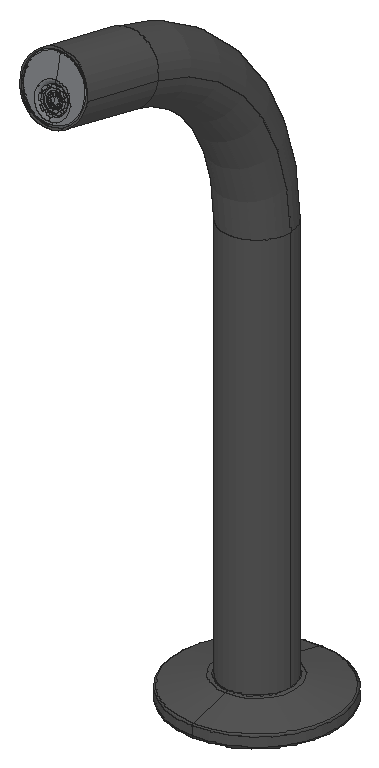
Revit family "Faucet-Touchless-Wall_Mount-Lavatory-KOHLER-Components-K-123MT36", category Plumbing Fixtures, host Face, Revit 2021
Family settings
  Host = Face
  Round Connector Dimension = Use Diameter
  Part Type = Normal
  OmniClass Number = 23.31.11.00
  OmniClass Title = Faucets
  Cut with Voids When Loaded = No
  Shared = No
  Room Calculation Point = No
Parameters (values of type "BL-Matte Black")
  Width = 2.3622"  # constant formula
  WaterSense Certified = 1 = 0  # no
  Waste Water Outlet = "Waste Water Outlet"  # constant formula
  Waste Connection = 1 = 0  # no
  Voltage = 220 V  # constant formula
  Vent Connection = 1 = 0  # no
  URL = "https://www.us.kohler.com/us/"
  Type = 2
  Spout Reach = 9.50394"  # constant formula
  Product Page URL = "http://www.us.kohler.com/us/catalog/productDetails.jsp?productNumber=123MT36-SANA"
  Product Name = "Components"  # constant formula
  Product Documentation Link = "https://www.us.kohler.com/webassets/kpna/catalog/pdf/en/K-123MT36-SANA_spec_US-CA_Kohler_en.pdf"
  Pressure = 0.00 psi
  Model = if(Type = 1, "K-123MT36-SANA-2MB", if(Type = 2, "K-123MT36-SANA-BL", if(Type = 3, "K-123MT36-SANA-BN", if(Type = 4, "K-123MT36-SANA-CP", "NA"))))  # "K-123MT36-SANA-BL"
  Material = "Premium Metal Construction"  # constant formula
  Master Format 2014 Name = "Residential Faucets, Supplies, and Trim"  # constant formula
  Master Format 2014 = "22 41 39"  # constant formula
  Manufacturer Address = "444 Highland Dr, Kohler, WI 53044"  # constant formula
  Manufacturer = "Kohler Co."  # constant formula
  Length = Spout Reach  # 9.50394"
  Hot Water Inlet = "Hot Water Inlet"  # constant formula
  Height = 2.3622"  # constant formula
  HW Connection = 1 = 0  # no
  Flow Rate = 0.5 GPM  # constant formula
  Finish = Kohler-Metal-BL-Matte_Black
  Environmental Product Declaration = ""
  Electrical Note = "One Dedicated Circuit Required"  # constant formula
  Electrical Connector = 1 = 1  # yes
  Drain Included = 1 = 1  # yes
  Description = "Tube Wall Mount LL 0.5 GPM Base No Power Supply (AC)- Cold Only"  # constant formula
  Default Elevation = 36"
  Declare Label = ""
  Date Modified = "01/14/2023"  # constant formula
  Date Created = "01/14/2023"  # constant formula
  Copyright = "Copyright Kohler Co."  # constant formula
  Contact Us = "https://www.us.kohler.com/us/static/contact.jsp"
  Cold Water Inlet = "Cold Water Inlet"  # constant formula
  CW Connection = 1 = 1  # yes
  Assembly Code = "D2010"
  Apparent Load = 0 VA
  ADA Compliant = 1 = 0  # no
Types (5): name | Type | Model | Finish
  (no name) | 2 | "K-123MT36-SANA-BL" | Kohler-Metal-BL-Matte_Black
  CP-Polished Chrome | 4 | "K-123MT36-SANA-CP" | Kohler-Metal-CP-Polished_Chrome
  BL-Matte Black | 2 | "K-123MT36-SANA-BL" | Kohler-Metal-BL-Matte_Black
  BN-Vibrant Brushed Nickel | 3 | "K-123MT36-SANA-BN" | Kohler-Metal-BN-Vibrant_Brushed_Nickel
  2MB-Vibrant Brushed Moderne Brass | 1 | "K-123MT36-SANA-2MB" | Kohler-Metal-2MB-Vibrant_Brushed_Moderne_Brass
Reference planes (in)
  plane 1 "Center (Front/Back)": y = 0
  plane 2: z = 0
  plane 3 "Center (Left/Right)": x = 0
  plane 4: y = 1.1811024
  plane 5: x = 1.1811024
  plane 6: x = -1.1811024
  plane 7: y = -1.1811024
  plane 8: y = -3.7716535
  plane 9: x = -0.492126
  plane 10: x = 0.492126
  plane 11: y = -3.8278338
  plane 12: z = 10.1299213
  plane 13: z = 9.503937
  plane 14: z = 0.3307087
Dimensions and locks (in)
  "Height": plane 4 to plane 7
  "Width": plane 6 to plane 5
  plane 1 "Center (Front/Back)" to plane 8 = 3.77165"
  "Length": plane 13 to level
  plane 9 to plane 10 = 0.98425"
  level to plane 12 = 10.12992"
  plane 14 to level = 0.33071"
  aligned and locked: plane 2 to host face
  aligned and locked: level to host face
  aligned and locked: plane 3 "Center (Left/Right)" to nested 1
  aligned and locked: plane 1 "Center (Front/Back)" to nested 1
  aligned and locked: plane 6 to nested 1
  aligned and locked: plane 5 to nested 1
  aligned and locked: plane 4 to nested 1
  aligned and locked: plane 7 to nested 1
  aligned and locked: plane 9 to nested 1
  aligned and locked: plane 10 to nested 1
  aligned and locked: plane 8 to nested 1
  aligned and locked: plane 11 to nested 1
Automatic sketch dimensions
  host sketch curve to host sketch curve = 96"  (x2)
Nested families (in)
  nested 1: "K-123MT36" at (0, 0, 0), type "K-123MT36"
Connectors (in)
  piping at (0, 0, 0), diameter 0.5, driven by "Flow Rate", driven by "CW Connection", driven by "Cold Water Inlet"
    settings: on nested 1, index 1, connector inside diameter 24", connector length 0", flow factor 0, pipe flow 0.5 GPM, pressure drop 0.00 psi, fitting loss kfactor 0, connector angle 0.00°, fixture units 0, engagement length 0", angle of deflection 0.00°, flow configuration 1, flow direction 1, fitting loss method 0, system type 20, joint type 0, gender type 0, connector reference index -1, connector utility 1, adjustable connector no, is connector primary yes, connector description "Cold Water Inlet"
  electrical at (0, -0.6043788, 0), driven by "Voltage", driven by "Electrical Connector", driven by "Electrical Note"
    settings: on nested 1, index 2, voltage 220 V, apparent load 0 VA, apparent load phase1 0 VA, apparent load phase2 0 VA, apparent load phase3 0 VA, power factor 1, load classification "Power", number of poles 1, system type 30, power factor state 1, is connector primary yes, connector utility yes, sub classification motor no, connector description "One Dedicated Circuit Required"
Definition of nested family "K-123MT36"
  Parameters
    Material = none
    Default Elevation = 0"
  Reference planes (in)
    plane 1 "Center (Front/Back)": y = 0
    plane 2: z = 0
    plane 3 "Center (Left/Right)": x = 0
    plane 4: x = -1.1811024
    plane 5: x = 1.1811024
    plane 6: y = 1.1811024
    plane 7: y = -1.1811024
    plane 8: z = 9.503937
    plane 9: y = -3.7716535
    plane 10: z = 0.3307087
    plane 11: z = 10.1299213
    plane 12: x = -0.492126
    plane 13: x = 0.492126
    plane 14: through (0, -2.4468864, 9.3616362) normal (0, 0.225, 0.9744)
    plane 15: through (0, -3.3798661, 9.4154888) normal (0, 0.225, 0.9744)
    plane 16: y = -3.8278338
    plane 17: y = -0.6043788
  Forms (in)
    Revolve 1, solid, material <- "Material", detail levels medium+fine
      sketch origin (0, 0, 0) x (0, 1, 0) y (0, 0, 1)
        loop
          line (0, 0) -> (1.1574803, 0)
          arc (1.1574803, 0) -> (1.1741836, 0.0069187) -> (1.1811024, 0.023622) r 0.023622
          line (1.1811024, 0.023622) -> (1.1811024, 0.1611535)
          arc (1.1811024, 0.1611535) -> (1.1760152, 0.175798) -> (1.1629448, 0.1841348) r 0.023622
          line (1.1629448, 0.1841348) -> (0.5731044, 0.3243876)
          arc (0.5731044, 0.3243876) -> (0.5446358, 0.3293159) -> (0.5157761, 0.3306836) r 0.2330353
          arc (0.5157761, 0.3306836) -> (0.5002779, 0.3240632) -> (0.4938857, 0.3084695) r 0.0222164
          line (0.4938857, 0.3084695) -> (0.4938857, 0.1338583) -> (0, 0.1338583) -> (0, 0)
        axis (0, 0) -> (0, 0.3306836)
      angle from 0 to 360
    Sweep 2, solid, material <- "Material", detail levels medium+fine
      path origin (0, 0, 0) x (0, 1, 0) y (0, 0, 1)
        loop
          line (0, 0.1978143) -> (0, 6.3001765)
          arc (0, 6.3001765) -> (-0.682305, 8.253998) -> (-2.4325649, 9.3583298) r 3.1385953
          line (-2.4325649, 9.3583298) -> (-3.7204724, 9.6556667)
      profile origin (0, 0, 3.2489954) x (1, 0, 0) y (0, 1, 0)
        loop
          circle (0, 0) r 0.492126
    Revolve 3, void
      sketch origin (0, -0.0849902, 1.9266238) x (0, 1, 0) y (0, 0, 1)
        loop
          line (-2.3096893, 7.4229595) -> (-2.2042591, 7.879628) -> (-3.8892823, 8.2686462) -> (-3.9947125, 7.8119778) -> (-2.3096893, 7.4229595)
        axis (-2.3096893, 7.4229595) -> (-3.9947125, 7.8119778)
      angle from 0 to 360
    Revolve 4, solid, detail levels medium+fine
      sketch origin (0, -0.0849902, 1.9266238) x (0, 1, 0) y (0, 0, 1)
        loop
          line (-2.3096893, 7.4229595) -> (-2.2052759, 7.8752237) -> (-3.5028282, 8.1747872)
          arc (-3.5028282, 8.1747872) -> (-3.5176878, 8.1723006) -> (-3.5264369, 8.1600349) r 0.019685
          line (-3.5264369, 8.1600349) -> (-3.6264221, 7.7269512) -> (-2.3096893, 7.4229595)
        axis (-2.3096893, 7.4229595) -> (-3.6264221, 7.7269512)
      angle from 0 to 360
    Revolve 5, void
      sketch origin (0, -0.3233803, 2.1200539) x (0, 1, 0) y (0, 0, 1)
        loop
          line (-3.177496, 7.3233724) -> (-3.1324654, 7.5184216) -> (-3.3211905, 7.5619922)
          arc (-3.3211905, 7.5619922) -> (-3.3577811, 7.588092) -> (-3.3651992, 7.6324208) r 0.0587237
          line (-3.3651992, 7.6324208) -> (-3.328428, 7.7916946) -> (-3.4660944, 7.8234774) -> (-3.5611063, 7.4119358) -> (-3.177496, 7.3233724)
        axis (-3.177496, 7.3233724) -> (-3.5611063, 7.4119358)
      angle from 0 to 360
    Revolve 6, solid, detail levels medium+fine
      sketch origin (0, -0.3678412, 1.9848282) x (0, 1, 0) y (0, 0, 1)
        loop
          line (-3.3060986, 7.7014786) -> (-3.3149413, 7.6598766) -> (-3.1089054, 7.6123095) -> (-3.099701, 7.653828) -> (-3.3060986, 7.7014786)
        axis (-3.1432925, 7.4633625) -> (-3.3500517, 7.5110967)
      angle from 0 to 360
    Extrusion 7, solid, detail levels medium+fine
      sketch origin (-0.0005115, -1.4958358, 1.2489174) x (1, 0, 0) y (0, 0.224951, 0.97437)
        loop
          arc (-0.0396235, 7.6904989) -> (-0.0000043, 7.6933186) -> (0.0396498, 7.6910406) r 0.3094737
          line (0.0396498, 7.6910406) -> (0.0396498, 7.7219586)
          arc (0.0396498, 7.7219586) -> (0.0000132, 7.7284816) -> (-0.0396235, 7.7219586) r 0.1236859
          line (-0.0396235, 7.7219586) -> (-0.0396235, 7.6904989)
        loop
          line (-0.0882402, 7.663237) -> (-0.1097349, 7.6854564)
          arc (-0.1097349, 7.6854564) -> (-0.1427584, 7.6625858) -> (-0.1667111, 7.6303386) r 0.1236859
          line (-0.1667111, 7.6303386) -> (-0.144835, 7.6077249)
          arc (-0.144835, 7.6077249) -> (-0.1183225, 7.6373006) -> (-0.0882402, 7.663237) r 0.3094737
        loop
          line (-0.1567322, 7.5726069) -> (-0.1876271, 7.5715009)
          arc (-0.1876271, 7.5715009) -> (-0.192728, 7.5316563) -> (-0.1847911, 7.4922784) r 0.1236859
          line (-0.1847911, 7.4922784) -> (-0.1533479, 7.493404)
          arc (-0.1533479, 7.493404) -> (-0.1575866, 7.5328966) -> (-0.1567322, 7.5726069) r 0.3094737
        loop
          arc (0.0882665, 7.663237) -> (0.1183488, 7.6373006) -> (0.1448613, 7.6077249) r 0.3094737
          line (0.1448613, 7.6077249) -> (0.1667374, 7.6303386)
          arc (0.1667374, 7.6303386) -> (0.1427847, 7.6625858) -> (0.1097612, 7.6854564) r 0.1236859
          line (0.1097612, 7.6854564) -> (0.0882665, 7.663237)
        loop
          arc (0.1567585, 7.5726069) -> (0.1576129, 7.5328966) -> (0.1533743, 7.493404) r 0.3094737
          line (0.1533743, 7.493404) -> (0.1848174, 7.4922784)
          arc (0.1848174, 7.4922784) -> (0.1927543, 7.5316563) -> (0.1876534, 7.5715009) r 0.1236859
          line (0.1876534, 7.5715009) -> (0.1567585, 7.5726069)
        loop
          line (-0.0396235, 7.382041) -> (-0.0396235, 7.3505813)
          arc (-0.0396235, 7.3505813) -> (0.0000132, 7.3440583) -> (0.0396498, 7.3505813) r 0.1236859
          line (0.0396498, 7.3505813) -> (0.0396498, 7.3814993)
          arc (0.0396498, 7.3814993) -> (-0.0000043, 7.3792213) -> (-0.0396235, 7.382041) r 0.3094737
        loop
          arc (-0.0836266, 7.4000756) -> (-0.1137088, 7.4260119) -> (-0.1402213, 7.4555876) r 0.3094737
          line (-0.1402213, 7.4555876) -> (-0.1620974, 7.432974)
          arc (-0.1620974, 7.432974) -> (-0.1381447, 7.4007268) -> (-0.1051212, 7.3778562) r 0.1236859
          line (-0.1051212, 7.3778562) -> (-0.0836266, 7.4000756)
        loop
          line (0.0851908, 7.4031513) -> (0.1066854, 7.380932)
          arc (0.1066854, 7.380932) -> (0.1397089, 7.4038026) -> (0.1636616, 7.4360498) r 0.1236859
          line (0.1636616, 7.4360498) -> (0.1417855, 7.4586634)
          arc (0.1417855, 7.4586634) -> (0.115273, 7.4290877) -> (0.0851908, 7.4031513) r 0.3094737
      from 3.8122786 to 4.0566325
    Revolve 8, solid, detail levels medium+fine
      sketch origin (0, -0.3911332, 2.0171446) x (0, 1, 0) y (0, 0, 1)
        loop
          line (-3.0904134, 7.5442751) -> (-3.0831434, 7.5757651) -> (-3.2838951, 7.6221123) -> (-3.2911651, 7.5906223) -> (-3.0904134, 7.5442751)
        axis (-3.1164926, 7.4313139) -> (-3.3172443, 7.4776611)
      angle from 0 to 360
    Revolve 9, solid, detail levels medium+fine
      sketch origin (0, 0.0050491, 0.0272177) x (0, 1, 0) y (0, 0, 1)
        loop
          line (-3.4896915, 9.5332704) -> (-3.681107, 9.5774622) -> (-3.7070047, 9.4652871) -> (-3.5155892, 9.4210953) -> (-3.4896915, 9.5332704)
        axis (-3.5155892, 9.4210953) -> (-3.7070047, 9.4652871)
      angle from 0 to 360
    Extrusion 10, void
      sketch origin (0.0030758, -2.2318006, -0.5809107) x (1, 0, 0) y (0, 0.224951, 0.97437)
        loop
          circle (-0.0005806, 9.387847) r 0.0098425
        loop
          circle (-0.034225, 9.3979399) r 0.0098425
        loop
          circle (-0.0634403, 9.4160409) r 0.0098425
        loop
          circle (-0.0847029, 9.4430424) r 0.0098425
        loop
          circle (0.0330638, 9.3979399) r 0.0098425
        loop
          circle (0.0622791, 9.4160409) r 0.0098425
        loop
          circle (0.0835417, 9.4430424) r 0.0098425
        loop
          circle (0.0024952, 9.4166566) r 0.0098425
        loop
          circle (-0.0318288, 9.4274789) r 0.0098425
        loop
          circle (-0.0537379, 9.4560314) r 0.0098425
        loop
          circle (0.0368192, 9.4274789) r 0.0098425
        loop
          circle (0.0587283, 9.4560314) r 0.0098425
        loop
          circle (-0.0005806, 9.5690782) r 0.0098425
        loop
          circle (-0.034225, 9.5589854) r 0.0098425
        loop
          circle (-0.0634403, 9.5408844) r 0.0098425
        loop
          circle (-0.0847029, 9.5138828) r 0.0098425
        loop
          circle (0.0330638, 9.5589854) r 0.0098425
        loop
          circle (0.0622791, 9.5408844) r 0.0098425
        loop
          circle (0.0835417, 9.5138828) r 0.0098425
        loop
          circle (0.0024952, 9.5402687) r 0.0098425
        loop
          circle (-0.0318288, 9.5294464) r 0.0098425
        loop
          circle (-0.0537379, 9.5008938) r 0.0098425
        loop
          circle (0.0368192, 9.5294464) r 0.0098425
        loop
          circle (0.0587283, 9.5008938) r 0.0098425
        loop
          circle (-0.0847029, 9.4781446) r 0.0098425
        loop
          circle (0.0835417, 9.4781446) r 0.0098425
      from 3.5353096 to 3.8021111
    Sweep 11, solid, material <- "Material", detail levels coarse
      path origin (0, 0, 0) x (0, 1, 0) y (0, 0, 1)
        loop
          line (0, 0.1978143) -> (0, 6.3001765)
          arc (0, 6.3001765) -> (-0.682305, 8.253998) -> (-2.4325649, 9.3583298) r 3.1385953
          line (-2.4325649, 9.3583298) -> (-3.7204724, 9.6556667)
      profile origin (0, 0, 3.2489954) x (1, 0, 0) y (0, 1, 0)
        loop
          circle (0, 0) r 0.492126
    Revolve 12, solid, material <- "Material", detail levels coarse
      sketch origin (0, 0, 0) x (0, 1, 0) y (0, 0, 1)
        loop
          line (0, 0) -> (1.1574803, 0)
          arc (1.1574803, 0) -> (1.1741836, 0.0069187) -> (1.1811024, 0.023622) r 0.023622
          line (1.1811024, 0.023622) -> (1.1811024, 0.1611535)
          arc (1.1811024, 0.1611535) -> (1.1760152, 0.175798) -> (1.1629448, 0.1841348) r 0.023622
          line (1.1629448, 0.1841348) -> (0.5731044, 0.3243876)
          arc (0.5731044, 0.3243876) -> (0.5446358, 0.3293159) -> (0.5157761, 0.3306836) r 0.2330353
          arc (0.5157761, 0.3306836) -> (0.5002779, 0.3240632) -> (0.4938857, 0.3084695) r 0.0222164
          line (0.4938857, 0.3084695) -> (0.4938857, 0.1338583) -> (0, 0.1338583) -> (0, 0)
        axis (0, 0) -> (0, 0.3306836)
      angle from 0 to 360
    Extrusion 13, solid, material <- "Material"
      sketch origin (0, 0, 0) x (1, 0, 0) y (0, 1, 0)
        loop
          circle (0, 0) r 0.0787402
      from 0 to 0.056147
    Extrusion 14, solid, material <- "Material"
      sketch origin (0, 0, 0) x (1, 0, 0) y (0, 1, 0)
        loop
          circle (0, -0.6043788) r 0.0787402
      from 0 to 0.0671266
  Cuts and joins
    Revolve 3 cuts Sweep 2
    Revolve 5 cuts Revolve 4
    Extrusion 10 cuts Revolve 9
  Lines and regions (in)
    Masking region 1
      outline origin (0, 0, 0) x (1, 0, 0) y (0, 1, 0)
        loop
          arc (0.492126, -1.0736921) -> (0.8894666, -0.7770791) -> (1.1300454, -0.3435116) r 1.1811024
          arc (1.1300454, -0.3435116) -> (1.1682616, -0.1816062) -> (1.1811024, -0.015748) r 1.0775782
          line (1.1811024, -0.015748) -> (1.1811024, 0.015748)
          arc (1.1811024, 0.015748) -> (1.1687961, 0.1779707) -> (1.1321588, 0.3364806) r 1.0753702
          arc (1.1321588, 0.3364806) -> (0.8294308, 0.8408611) -> (0.3209543, 1.1366579) r 1.1811024
          arc (0.3209543, 1.1366579) -> (0.1726674, 1.1699309) -> (0.0211045, 1.1811024) r 1.0337077
          line (0.0211045, 1.1811024) -> (-0.0103916, 1.1811024)
          arc (-0.0103916, 1.1811024) -> (-0.2150046, 1.1623256) -> (-0.4127827, 1.1066224) r 1.1242352
          arc (-0.4127827, 1.1066224) -> (-0.8588859, 0.8107514) -> (-1.1285652, 0.3483437) r 1.1811024
          arc (-1.1285652, 0.3483437) -> (-1.1678871, 0.1841078) -> (-1.1811024, 0.015748) r 1.0790464
          line (-1.1811024, 0.015748) -> (-1.1811024, -0.015748)
          arc (-1.1811024, -0.015748) -> (-1.1729323, -0.1465837) -> (-1.1485491, -0.2753866) r 1.05169
          arc (-1.1485491, -0.2753866) -> (-0.912292, -0.7501508) -> (-0.492126, -1.0736921) r 1.1811024
          line (-0.492126, -1.0736921) -> (-0.492126, -3.7141778)
          spline (-0.492126, -3.7141778) -> (-0.4888881, -3.7271874) -> (-0.4792172, -3.7400258) -> (-0.4632404, -3.752524) -> (-0.4411681, -3.7645176) -> (-0.4132906, -3.7758489) -> (-0.3799747, -3.7863687) -> (-0.3416589, -3.7959385) -> (-0.2988474, -3.8044324) -> (-0.2521035, -3.8117388) -> (-0.2020422, -3.8177613) -> (-0.1493223, -3.8224209) -> (-0.0946376, -3.8256561)
          arc (-0.0946376, -3.8256561) -> (-0.053918, -3.8272893) -> (-0.0131693, -3.8278338) r 1.5250192
          line (-0.0131693, -3.8278338) -> (0.0183267, -3.8278338)
          arc (0.0183267, -3.8278338) -> (0.0788202, -3.8266588) -> (0.1392224, -3.8231358) r 1.5579046
          spline (0.1392224, -3.8231358) -> (0.1888355, -3.8190807) -> (0.2362888, -3.8138257) -> (0.2810394, -3.8074309) -> (0.3225756, -3.7999695) -> (0.3604223, -3.7915269) -> (0.3941465, -3.7821996) -> (0.4233626, -3.7720942) -> (0.4477364, -3.7613265) -> (0.4669891, -3.7500194) -> (0.4809006, -3.7383024) -> (0.4893116, -3.7263095) -> (0.492126, -3.7141778)
          line (0.492126, -3.7141778) -> (0.492126, -1.0736921)
    Masking region 2
      outline origin (0, 0, 0) x (1, 0, 0) y (0, 0, 1)
        loop
          arc (1.1574803, 0) -> (1.1741836, 0.0069187) -> (1.1811024, 0.023622) r 0.023622
          line (1.1811024, 0.023622) -> (1.1811024, 0.160041)
          arc (1.1811024, 0.160041) -> (1.1759671, 0.1747461) -> (1.1627941, 0.1830576) r 0.023622
          line (1.1627941, 0.1830576) -> (0.5232472, 0.3307087) -> (0.492126, 0.3307087) -> (0.492126, 9.6379185)
          arc (0.492126, 9.6379185) -> (0.416648, 9.8998201) -> (0.2133662, 10.0813853) r 0.492126
          arc (0.2133662, 10.0813853) -> (0.1184789, 10.1176062) -> (0.0176627, 10.1299213) r 0.4188197
          line (0.0176627, 10.1299213) -> (-0.0138333, 10.1299213)
          arc (-0.0138333, 10.1299213) -> (-0.1441752, 10.1104615) -> (-0.2631493, 10.0537796) r 0.446247
          arc (-0.2631493, 10.0537796) -> (-0.4310978, 9.8752846) -> (-0.492126, 9.6379185) r 0.492126
          line (-0.492126, 9.6379185) -> (-0.492126, 0.3307087) -> (-0.5232472, 0.3307087) -> (-1.1627941, 0.1830576)
          arc (-1.1627941, 0.1830576) -> (-1.1759671, 0.1747461) -> (-1.1811024, 0.160041) r 0.023622
          line (-1.1811024, 0.160041) -> (-1.1811024, 0.023622)
          arc (-1.1811024, 0.023622) -> (-1.1741836, 0.0069187) -> (-1.1574803, 0) r 0.023622
          line (-1.1574803, 0) -> (1.1574803, 0)
    Masking region 3
      outline origin (0, 0, 0) x (0, 1, 0) y (0, 0, 1)
        loop
          line (-1.1574803, 0) -> (1.1574803, 0)
          arc (1.1574803, 0) -> (1.1741836, 0.0069187) -> (1.1811024, 0.023622) r 0.023622
          line (1.1811024, 0.023622) -> (1.1811024, 0.1658338)
          arc (1.1811024, 0.1658338) -> (1.1759671, 0.1805389) -> (1.1627941, 0.1888504) r 0.023622
          line (1.1627941, 0.1888504) -> (0.5483386, 0.3307087) -> (0.4923043, 0.3307087) -> (0.4923043, 6.2376856)
          arc (0.4923043, 6.2376856) -> (-0.3094163, 8.5402003) -> (-2.3678203, 9.8468384) r 3.7072331
          line (-2.3678203, 9.8468384) -> (-3.5739104, 10.1299213) -> (-3.6109821, 10.1299213) -> (-3.685261, 9.8081843) -> (-3.7124844, 9.761032) -> (-3.742985, 9.6289194) -> (-3.7359104, 9.5887976) -> (-3.7631338, 9.5416453) -> (-3.7793765, 9.4712905) -> (-3.7706005, 9.4385382) -> (-3.7978403, 9.3846581) -> (-3.8278338, 9.2547424) -> (-3.8278338, 9.1755593) -> (-2.6057837, 8.8934268)
          arc (-2.6057837, 8.8934268) -> (-1.0851096, 7.9339529) -> (-0.4923043, 6.2364189) r 2.7268981
          line (-0.4923043, 6.2364189) -> (-0.4923043, 0.3307087) -> (-0.5483386, 0.3307087) -> (-1.1627941, 0.1888504)
          arc (-1.1627941, 0.1888504) -> (-1.1759671, 0.1805389) -> (-1.1811024, 0.1658338) r 0.023622
          line (-1.1811024, 0.1658338) -> (-1.1811024, 0.023622)
          arc (-1.1811024, 0.023622) -> (-1.1741836, 0.0069187) -> (-1.1574803, 0) r 0.023622
    symbolic lines, detail levels medium+fine
      curve 1: spline (-0.0416184, -3.6793645, 0) -> (-0.0649554, -3.6804177, 0) -> (-0.0878325, -3.6819299, 0) -> (-0.1100871, -3.6838904, 0) -> (-0.131561, -3.6862853, 0) -> (-0.1521013, -3.6890975, 0) -> (-0.1715622, -3.6923071, 0) -> (-0.1898053, -3.6958911, 0) -> (-0.2067008, -3.6998242, 0) -> (-0.2221286, -3.7040784, 0) -> (-0.235979, -3.7086234, 0) -> (-0.2481536, -3.7134269, 0) -> (-0.2585657, -3.7184547, 0)
      curve 2: line (-0.0416184, -3.7202486, 0) -> (-0.0416184, -3.6793645, 0)
      curve 3: line (0.0433214, -3.7202486, 0) -> (0.0433214, -3.6794453, 0)
      curve 4: line (-0.0416184, -3.7202486, 0) -> (0.0433214, -3.7202486, 0)
      curve 5: spline (0.0433214, -3.6794453, 0) -> (0.039768, -3.6793198, 0) -> (0.036208, -3.6792049, 0) -> (0.0326421, -3.6791008, 0) -> (0.0290708, -3.6790073, 0) -> (0.0254948, -3.6789246, 0) -> (0.0219146, -3.6788526, 0) -> (0.0183307, -3.6787914, 0) -> (0.0147439, -3.678741, 0) -> (0.0111546, -3.6787013, 0) -> (0.0075634, -3.6786724, 0) -> (0.003971, -3.6786542, 0) -> (0.0003779, -3.6786469, 0)
      curve 6: arc (-0.0416184, -3.7056228, 0) -> (0.0008515, -3.7074904, 0) -> (0.0433214, -3.7056228, 0) r 0.4838157
      curve 7: line (-0.2144239, -3.7315888, 0) -> (-0.2144239, -3.7194024, 0)
      curve 8: line (-0.1238531, -3.7275205, 0) -> (-0.1238531, -3.6853653, 0)
      curve 9: arc (-0.2144239, -3.7315888, 0) -> (-0.1856764, -3.7261475, 0) -> (-0.1567555, -3.7217189, 0) r 0.8332684
      curve 10: line (-0.1567555, -3.7217189, 0) -> (-0.1567555, -3.6898135, 0)
      curve 11: line (-0.1567555, -3.7217189, 0) -> (-0.1238531, -3.7275205, 0)
      curve 12: line (-0.1829125, -3.7412026, 0) -> (-0.2144239, -3.7315888, 0)
      curve 13: line (-0.1829125, -3.7412026, 0) -> (-0.1238531, -3.7275205, 0)
      curve 14: line (-0.2167191, -3.7186773, 0) -> (-0.2167191, -3.7541139, 0)
      curve 15: line (-0.2167191, -3.7186773, 0) -> (-0.2589762, -3.7186773, 0)
      curve 16: line (-0.2195164, -3.7805312, 0) -> (-0.2456404, -3.7805312, 0)
      curve 17: spline (-0.2585657, -3.7184547, 0) -> (-0.2591978, -3.7187984, 0) -> (-0.2598215, -3.7191428, 0) -> (-0.2604371, -3.7194881, 0) -> (-0.2610443, -3.7198342, 0) -> (-0.2616432, -3.7201812, 0) -> (-0.2622338, -3.7205289, 0) -> (-0.2628161, -3.7208773, 0) -> (-0.2633899, -3.7212266, 0) -> (-0.2639554, -3.7215766, 0) -> (-0.2645125, -3.7219274, 0) -> (-0.2650612, -3.7222788, 0) -> (-0.2656014, -3.7226311, 0)
      curve 18: spline (-0.2656014, -3.7226311, 0) -> (-0.2711929, -3.7267221, 0) -> (-0.2756473, -3.7308899, 0) -> (-0.2789458, -3.7351167, 0) -> (-0.2810748, -3.739385, 0) -> (-0.2820251, -3.7436768, 0) -> (-0.2817929, -3.747974, 0) -> (-0.280379, -3.7522587, 0) -> (-0.2777895, -3.7565129, 0) -> (-0.2740352, -3.7607186, 0) -> (-0.2691319, -3.7648583, 0) -> (-0.2631001, -3.7689146, 0) -> (-0.2559652, -3.7728704, 0)
      curve 19: line (-0.2549942, -3.7582542, 0) -> (-0.2208594, -3.7582542, 0)
      curve 20: arc (-0.2603137, -3.7529348, 0) -> (-0.2587557, -3.7566962, 0) -> (-0.2549942, -3.7582542, 0) r 0.0053195
      curve 21: arc (-0.2208594, -3.7582542, 0) -> (-0.2179318, -3.7570415, 0) -> (-0.2167191, -3.7541139, 0) r 0.0041403
      curve 22: arc (-0.2167191, -3.7541139, 0) -> (-0.2197365, -3.7649638, 0) -> (-0.2168233, -3.7758422, 0) r 0.0213849
      curve 23: arc (-0.2168233, -3.7758422, 0) -> (-0.2168127, -3.7789662, 0) -> (-0.2195164, -3.7805312, 0) r 0.0031179
      curve 24: arc (-0.2603137, -3.7529348, 0) -> (-0.260627, -3.7653067, 0) -> (-0.2541335, -3.7758422, 0) r 0.021725
      curve 25: spline (-0.2381971, -3.7805312, 0) -> (-0.2351917, -3.781622, 0) -> (-0.2320959, -3.7826987, 0) -> (-0.2289112, -3.783761, 0) -> (-0.2256386, -3.7848083, 0) -> (-0.2222794, -3.7858403, 0) -> (-0.2188349, -3.7868567, 0) -> (-0.2153065, -3.787857, 0) -> (-0.2116955, -3.7888408, 0) -> (-0.2080033, -3.7898077, 0) -> (-0.2042312, -3.7907574, 0) -> (-0.2003809, -3.7916896, 0) -> (-0.1964536, -3.7926038, 0)
      curve 26: line (-0.2603137, -3.7529348, 0) -> (-0.2167191, -3.752982, 0)
      curve 27: line (-0.2168233, -3.7758422, 0) -> (-0.2541335, -3.7758422, 0)
      curve 28: arc (-0.2541335, -3.7758422, 0) -> (-0.2501521, -3.7786669, 0) -> (-0.2456404, -3.7805312, 0) r 0.021725
      curve 29: spline (-0.1238531, -3.7044819, 0) -> (-0.1178036, -3.7036123, 0) -> (-0.1115747, -3.7027867, 0) -> (-0.1051759, -3.7020066, 0) -> (-0.0986169, -3.7012729, 0) -> (-0.0919077, -3.7005869, 0) -> (-0.0850585, -3.6999496, 0) -> (-0.0780796, -3.699362, 0) -> (-0.0709818, -3.6988249, 0) -> (-0.0637757, -3.6983392, 0) -> (-0.0564724, -3.6979055, 0) -> (-0.0490828, -3.6975247, 0) -> (-0.0416184, -3.6971972, 0)
      curve 30: spline (0.0003779, -3.6786469, 0) -> (-0.0031342, -3.6786501, 0) -> (-0.0066459, -3.6786637, 0) -> (-0.0101566, -3.6786875, 0) -> (-0.0136657, -3.6787217, 0) -> (-0.0171728, -3.6787661, 0) -> (-0.0206772, -3.6788208, 0) -> (-0.0241785, -3.6788858, 0) -> (-0.0276761, -3.6789611, 0) -> (-0.0311694, -3.6790466, 0) -> (-0.0346579, -3.6791423, 0) -> (-0.0381411, -3.6792483, 0) -> (-0.0416184, -3.6793645, 0)
      curve 31: line (0.1243441, -3.7275205, 0) -> (0.1243441, -3.6853653, 0)
      curve 32: arc (0.2149149, -3.7315888, 0) -> (0.1861674, -3.7261475, 0) -> (0.1572465, -3.7217189, 0) r 0.8332684
      curve 33: line (0.1572465, -3.7217189, 0) -> (0.1572465, -3.6898135, 0)
      curve 34: line (0.1572465, -3.7217189, 0) -> (0.1243441, -3.7275205, 0)
      curve 35: line (0.1834035, -3.7412026, 0) -> (0.2149149, -3.7315888, 0)
      curve 36: line (0.1834035, -3.7412026, 0) -> (0.1243441, -3.7275205, 0)
      curve 37: line (0.2172101, -3.7186773, 0) -> (0.2172101, -3.7541139, 0)
      curve 38: line (0.2172101, -3.7186773, 0) -> (0.2594672, -3.7186773, 0)
      curve 39: spline (0.2594672, -3.7186773, 0) -> (0.2666621, -3.7230094, 0) -> (0.2725496, -3.7274495, 0) -> (0.2771009, -3.7319758, 0) -> (0.2802935, -3.7365661, 0) -> (0.2821117, -3.7411978, 0) -> (0.2825466, -3.745848, 0) -> (0.2815961, -3.750494, 0) -> (0.2792648, -3.7551129, 0) -> (0.2755642, -3.759682, 0) -> (0.2705125, -3.7641789, 0) -> (0.2641345, -3.7685813, 0) -> (0.2564616, -3.7728677, 0)
      curve 40: line (0.2554853, -3.7582542, 0) -> (0.2213504, -3.7582542, 0)
      curve 41: line (0.2608047, -3.7529348, 0) -> (0.2172101, -3.752982, 0)
      curve 42: line (0.2173143, -3.7758422, 0) -> (0.2546245, -3.7758422, 0)
      curve 43: arc (0.2546245, -3.7758422, 0) -> (0.2506431, -3.7786669, 0) -> (0.2461314, -3.7805312, 0) r 0.021725
      curve 44: spline (0.2386881, -3.7805312, 0) -> (0.2356827, -3.781622, 0) -> (0.2325869, -3.7826987, 0) -> (0.2294022, -3.783761, 0) -> (0.2261296, -3.7848083, 0) -> (0.2227704, -3.7858403, 0) -> (0.2193259, -3.7868567, 0) -> (0.2157975, -3.787857, 0) -> (0.2121865, -3.7888408, 0) -> (0.2084943, -3.7898077, 0) -> (0.2047222, -3.7907574, 0) -> (0.2008719, -3.7916896, 0) -> (0.1969446, -3.7926038, 0)
      curve 45: line (0.2200074, -3.7805312, 0) -> (0.2461314, -3.7805312, 0)
      curve 46: arc (0.2172101, -3.7541139, 0) -> (0.2202275, -3.7649638, 0) -> (0.2173143, -3.7758422, 0) r 0.0213849
      curve 47: arc (0.2608047, -3.7529348, 0) -> (0.2592467, -3.7566962, 0) -> (0.2554853, -3.7582542, 0) r 0.0053195
      curve 48: arc (0.2213504, -3.7582542, 0) -> (0.2184228, -3.7570415, 0) -> (0.2172101, -3.7541139, 0) r 0.0041403
      curve 49: arc (0.2608047, -3.7529348, 0) -> (0.261118, -3.7653067, 0) -> (0.2546245, -3.7758422, 0) r 0.021725
      curve 50: arc (0.2173143, -3.7758422, 0) -> (0.2173037, -3.7789662, 0) -> (0.2200074, -3.7805312, 0) r 0.0031179
      curve 51: spline (0.0421094, -3.6793645, 0) -> (0.06553, -3.6804223, 0) -> (0.0884868, -3.6819425, 0) -> (0.1108154, -3.6839141, 0) -> (0.1323559, -3.686323, 0) -> (0.152954, -3.6891521, 0) -> (0.1724622, -3.6923809, 0) -> (0.1907409, -3.6959864, 0) -> (0.207659, -3.6999428, 0) -> (0.2230955, -3.7042218, 0) -> (0.2369397, -3.7087927, 0) -> (0.2490927, -3.7136227, 0) -> (0.2594672, -3.7186773, 0)
      curve 52: spline (0.0433214, -3.6972465, 0) -> (0.0506746, -3.6975778, 0) -> (0.0579531, -3.6979609, 0) -> (0.0651464, -3.6983953, 0) -> (0.0722436, -3.6988803, 0) -> (0.0792344, -3.6994153, 0) -> (0.0861084, -3.6999993, 0) -> (0.0928554, -3.7006316, 0) -> (0.0994655, -3.7013113, 0) -> (0.1059288, -3.7020372, 0) -> (0.1122359, -3.7028084, 0) -> (0.1183773, -3.7036237, 0) -> (0.1243441, -3.7044819, 0)
      curve 53: spline (0.1792423, -3.7477245, 0) -> (0.1605776, -3.7536738, 0) -> (0.1361567, -3.7588678, 0) -> (0.1068563, -3.7631198, 0) -> (0.0737284, -3.7662773, 0) -> (0.0379623, -3.7682269, 0) -> (0.000842, -3.7688986, 0) -> (-0.0362996, -3.7682684, 0) -> (-0.0721292, -3.7663587, 0) -> (-0.1053604, -3.7632383, 0) -> (-0.1348002, -3.759019, 0) -> (-0.1593915, -3.7538525, 0) -> (-0.1782515, -3.7479241, 0)
      curve 54: spline (-0.1782515, -3.7479241, 0) -> (-0.1802586, -3.7471023, 0) -> (-0.1821543, -3.7462716, 0) -> (-0.1839373, -3.7454325, 0) -> (-0.1856066, -3.7445855, 0) -> (-0.1871612, -3.7437311, 0) -> (-0.1886001, -3.7428698, 0) -> (-0.1899223, -3.7420023, 0) -> (-0.1911272, -3.7411289, 0) -> (-0.1922139, -3.7402503, 0) -> (-0.1931817, -3.739367, 0) -> (-0.1940302, -3.7384795, 0) -> (-0.1947586, -3.7375885, 0)
      curve 55: spline (0.1952496, -3.7375885, 0) -> (0.1945372, -3.7384615, 0) -> (0.1937095, -3.739331, 0) -> (0.1927673, -3.7401966, 0) -> (0.1917109, -3.7410577, 0) -> (0.1905411, -3.7419138, 0) -> (0.1892586, -3.7427644, 0) -> (0.187864, -3.743609, 0) -> (0.1863583, -3.7444471, 0) -> (0.1847422, -3.7452782, 0) -> (0.1830169, -3.7461018, 0) -> (0.1811832, -3.7469174, 0) -> (0.1792423, -3.7477245, 0)
      curve 56: spline (0.2149149, -3.7194024, 0) -> (0.2161871, -3.7218177, 0) -> (0.2169527, -3.7242445, 0) -> (0.2172101, -3.726677, 0) -> (0.2169585, -3.7291095, 0) -> (0.2161986, -3.7315363, 0) -> (0.2149322, -3.7339518, 0) -> (0.2131622, -3.7363503, 0) -> (0.2108928, -3.7387261, 0) -> (0.2081292, -3.7410736, 0) -> (0.2048781, -3.7433874, 0) -> (0.201147, -3.7456621, 0) -> (0.1969446, -3.7478923, 0)
      curve 57: line (-0.2144239, -3.7194024, 0) -> (-0.2144239, -3.701863, 0)
      curve 58: line (0.2149149, -3.7315888, 0) -> (0.2149149, -3.701863, 0)
      curve 59: spline (-0.1142228, -3.7105461, 0) -> (-0.1131405, -3.7094581, 0) -> (-0.1099673, -3.7084442, 0) -> (-0.1049196, -3.7075735, 0) -> (-0.0983413, -3.7069054, 0) -> (-0.0906806, -3.7064855, 0) -> (-0.0824598, -3.7063422, 0) -> (-0.0742389, -3.7064855, 0) -> (-0.0665782, -3.7069054, 0) -> (-0.0599999, -3.7075735, 0) -> (-0.0549522, -3.7084442, 0) -> (-0.051779, -3.7094581, 0) -> (-0.0506967, -3.7105461, 0) -> (-0.051779, -3.7116342, 0) -> (-0.0549522, -3.7126481, 0) -> (-0.0599999, -3.7135188, 0) -> (-0.0665782, -3.7141868, 0) -> (-0.0742389, -3.7146068, 0) -> (-0.0824598, -3.7147501, 0) -> (-0.0906806, -3.7146068, 0) -> (-0.0983413, -3.7141868, 0) -> (-0.1049196, -3.7135188, 0) -> (-0.1099673, -3.7126481, 0) -> (-0.1131405, -3.7116342, 0) -> (-0.1142228, -3.7105461, 0)
      curve 60: spline (-0.1466864, -3.7430098, 0) -> (-0.1456041, -3.7419217, 0) -> (-0.142431, -3.7409078, 0) -> (-0.1373833, -3.7400372, 0) -> (-0.1308049, -3.7393691, 0) -> (-0.1231443, -3.7389491, 0) -> (-0.1149234, -3.7388059, 0) -> (-0.1067025, -3.7389491, 0) -> (-0.0990419, -3.7393691, 0) -> (-0.0924636, -3.7400372, 0) -> (-0.0874158, -3.7409078, 0) -> (-0.0842427, -3.7419217, 0) -> (-0.0831604, -3.7430098, 0) -> (-0.0842427, -3.7440979, 0) -> (-0.0874158, -3.7451118, 0) -> (-0.0924636, -3.7459824, 0) -> (-0.0990419, -3.7466505, 0) -> (-0.1067025, -3.7470705, 0) -> (-0.1149234, -3.7472137, 0) -> (-0.1231443, -3.7470705, 0) -> (-0.1308049, -3.7466505, 0) -> (-0.1373833, -3.7459824, 0) -> (-0.142431, -3.7451118, 0) -> (-0.1456041, -3.7440979, 0) -> (-0.1466864, -3.7430098, 0)
      curve 61: spline (-0.0822231, -3.7350947, 0) -> (-0.0811408, -3.7340066, 0) -> (-0.0779676, -3.7329927, 0) -> (-0.0729199, -3.7321221, 0) -> (-0.0663415, -3.731454, 0) -> (-0.0586809, -3.731034, 0) -> (-0.05046, -3.7308908, 0) -> (-0.0422392, -3.731034, 0) -> (-0.0345785, -3.731454, 0) -> (-0.0280002, -3.7321221, 0) -> (-0.0229525, -3.7329927, 0) -> (-0.0197793, -3.7340066, 0) -> (-0.018697, -3.7350947, 0) -> (-0.0197793, -3.7361828, 0) -> (-0.0229525, -3.7371967, 0) -> (-0.0280002, -3.7380673, 0) -> (-0.0345785, -3.7387354, 0) -> (-0.0422392, -3.7391554, 0) -> (-0.05046, -3.7392986, 0) -> (-0.0586809, -3.7391554, 0) -> (-0.0663415, -3.7387354, 0) -> (-0.0729199, -3.7380673, 0) -> (-0.0779676, -3.7371967, 0) -> (-0.0811408, -3.7361828, 0) -> (-0.0822231, -3.7350947, 0)
      curve 62: spline (-0.0725677, -3.7558007, 0) -> (-0.0714854, -3.7547127, 0) -> (-0.0683122, -3.7536988, 0) -> (-0.0632645, -3.7528281, 0) -> (-0.0566862, -3.75216, 0) -> (-0.0490255, -3.7517401, 0) -> (-0.0408047, -3.7515968, 0) -> (-0.0325838, -3.7517401, 0) -> (-0.0249231, -3.75216, 0) -> (-0.0183448, -3.7528281, 0) -> (-0.0132971, -3.7536988, 0) -> (-0.0101239, -3.7547127, 0) -> (-0.0090416, -3.7558007, 0) -> (-0.0101239, -3.7568888, 0) -> (-0.0132971, -3.7579027, 0) -> (-0.0183448, -3.7587734, 0) -> (-0.0249231, -3.7594414, 0) -> (-0.0325838, -3.7598614, 0) -> (-0.0408047, -3.7600047, 0) -> (-0.0490255, -3.7598614, 0) -> (-0.0566862, -3.7594414, 0) -> (-0.0632645, -3.7587734, 0) -> (-0.0683122, -3.7579027, 0) -> (-0.0714854, -3.7568888, 0) -> (-0.0725677, -3.7558007, 0)
      curve 63: spline (0.0078245, -3.7558007, 0) -> (0.0089068, -3.7547127, 0) -> (0.0120799, -3.7536988, 0) -> (0.0171277, -3.7528281, 0) -> (0.023706, -3.75216, 0) -> (0.0313666, -3.7517401, 0) -> (0.0395875, -3.7515968, 0) -> (0.0478084, -3.7517401, 0) -> (0.055469, -3.75216, 0) -> (0.0620473, -3.7528281, 0) -> (0.0670951, -3.7536988, 0) -> (0.0702682, -3.7547127, 0) -> (0.0713505, -3.7558007, 0) -> (0.0702682, -3.7568888, 0) -> (0.0670951, -3.7579027, 0) -> (0.0620473, -3.7587734, 0) -> (0.055469, -3.7594414, 0) -> (0.0478084, -3.7598614, 0) -> (0.0395875, -3.7600047, 0) -> (0.0313666, -3.7598614, 0) -> (0.023706, -3.7594414, 0) -> (0.0171277, -3.7587734, 0) -> (0.0120799, -3.7579027, 0) -> (0.0089068, -3.7568888, 0) -> (0.0078245, -3.7558007, 0)
      curve 64: spline (0.0078245, -3.7353026, 0) -> (0.0089068, -3.7342145, 0) -> (0.0120799, -3.7332006, 0) -> (0.0171277, -3.73233, 0) -> (0.023706, -3.7316619, 0) -> (0.0313666, -3.7312419, 0) -> (0.0395875, -3.7310987, 0) -> (0.0478084, -3.7312419, 0) -> (0.055469, -3.7316619, 0) -> (0.0620473, -3.73233, 0) -> (0.0670951, -3.7332006, 0) -> (0.0702682, -3.7342145, 0) -> (0.0713505, -3.7353026, 0) -> (0.0702682, -3.7363907, 0) -> (0.0670951, -3.7374046, 0) -> (0.0620473, -3.7382752, 0) -> (0.055469, -3.7389433, 0) -> (0.0478084, -3.7393633, 0) -> (0.0395875, -3.7395065, 0) -> (0.0313666, -3.7393633, 0) -> (0.023706, -3.7389433, 0) -> (0.0171277, -3.7382752, 0) -> (0.0120799, -3.7374046, 0) -> (0.0089068, -3.7363907, 0) -> (0.0078245, -3.7353026, 0)
      curve 65: spline (0.0545445, -3.7154711, 0) -> (0.0556268, -3.7143831, 0) -> (0.0588, -3.7133692, 0) -> (0.0638477, -3.7124985, 0) -> (0.070426, -3.7118304, 0) -> (0.0780867, -3.7114104, 0) -> (0.0863076, -3.7112672, 0) -> (0.0945284, -3.7114104, 0) -> (0.1021891, -3.7118304, 0) -> (0.1087674, -3.7124985, 0) -> (0.1138151, -3.7133692, 0) -> (0.1169883, -3.7143831, 0) -> (0.1180706, -3.7154711, 0) -> (0.1169883, -3.7165592, 0) -> (0.1138151, -3.7175731, 0) -> (0.1087674, -3.7184437, 0) -> (0.1021891, -3.7191118, 0) -> (0.0945284, -3.7195318, 0) -> (0.0863076, -3.719675, 0) -> (0.0780867, -3.7195318, 0) -> (0.070426, -3.7191118, 0) -> (0.0638477, -3.7184437, 0) -> (0.0588, -3.7175731, 0) -> (0.0556268, -3.7165592, 0) -> (0.0545445, -3.7154711, 0)
      curve 66: spline (0.0856419, -3.7465685, 0) -> (0.0867242, -3.7454805, 0) -> (0.0898974, -3.7444666, 0) -> (0.0949451, -3.7435959, 0) -> (0.1015234, -3.7429278, 0) -> (0.1091841, -3.7425078, 0) -> (0.1174049, -3.7423646, 0) -> (0.1256258, -3.7425078, 0) -> (0.1332865, -3.7429278, 0) -> (0.1398648, -3.7435959, 0) -> (0.1449125, -3.7444666, 0) -> (0.1480857, -3.7454805, 0) -> (0.149168, -3.7465685, 0) -> (0.1480857, -3.7476566, 0) -> (0.1449125, -3.7486705, 0) -> (0.1398648, -3.7495411, 0) -> (0.1332865, -3.7502092, 0) -> (0.1256258, -3.7506292, 0) -> (0.1174049, -3.7507724, 0) -> (0.1091841, -3.7506292, 0) -> (0.1015234, -3.7502092, 0) -> (0.0949451, -3.7495411, 0) -> (0.0898974, -3.7486705, 0) -> (0.0867242, -3.7476566, 0) -> (0.0856419, -3.7465685, 0)
      curve 67: line (-0.1964536, -3.7478923, 0) -> (-0.1964536, -3.8010219, 0)
      curve 68: line (-0.1292786, -3.7669963, 0) -> (-0.1292786, -3.8094775, 0)
      curve 69: line (-0.1964536, -3.8010219, 0) -> (-0.1653214, -3.79268, 0)
      curve 70: line (-0.1653214, -3.79268, 0) -> (-0.1653214, -3.7591598, 0)
      curve 71: spline (-0.1292786, -3.8039585, 0) -> (-0.1213191, -3.8048862, 0) -> (-0.1132394, -3.8057543, 0) -> (-0.1050475, -3.8065621, 0) -> (-0.0967516, -3.8073088, 0) -> (-0.0883598, -3.8079935, 0) -> (-0.0798805, -3.8086156, 0) -> (-0.0713221, -3.8091745, 0) -> (-0.0626932, -3.8096697, 0) -> (-0.0540022, -3.8101006, 0) -> (-0.0452579, -3.8104668, 0) -> (-0.0364689, -3.8107679, 0) -> (-0.027644, -3.8110038, 0)
      curve 72: line (-0.1292786, -3.8094775, 0) -> (-0.1653214, -3.79268, 0)
      curve 73: line (0.1969446, -3.7478923, 0) -> (0.1969446, -3.8010219, 0)
      curve 74: line (0.1297696, -3.7669963, 0) -> (0.1297696, -3.8094775, 0)
      curve 75: arc (0.1969446, -3.8010219, 0) -> (0.1637803, -3.8086121, 0) -> (0.1297696, -3.8094775, 0) r 0.1707711
      curve 76: line (0.1969446, -3.8010219, 0) -> (0.1658124, -3.79268, 0)
      curve 77: line (0.1658124, -3.79268, 0) -> (0.1658124, -3.7591598, 0)
      curve 78: line (0.1297696, -3.8094775, 0) -> (0.1658124, -3.79268, 0)
      curve 79: spline (0.1297696, -3.8039585, 0) -> (0.1218101, -3.8048862, 0) -> (0.1137304, -3.8057543, 0) -> (0.1055385, -3.8065621, 0) -> (0.0972426, -3.8073088, 0) -> (0.0888508, -3.8079935, 0) -> (0.0803715, -3.8086156, 0) -> (0.0718131, -3.8091745, 0) -> (0.0631842, -3.8096697, 0) -> (0.0544932, -3.8101006, 0) -> (0.0457489, -3.8104668, 0) -> (0.0369599, -3.8107679, 0) -> (0.028135, -3.8110038, 0)
      curve 80: line (-0.027644, -3.7765144, 0) -> (-0.027644, -3.8234266, 0)
      curve 81: line (0.028135, -3.7765144, 0) -> (0.028135, -3.8234266, 0)
      curve 82: arc (-0.027644, -3.8234266, 0) -> (0.0002455, -3.8255753, 0) -> (0.028135, -3.8234266, 0) r 0.1820752
      curve 83: arc (-0.027644, -3.8062372, 0) -> (0.0002455, -3.8075802, 0) -> (0.028135, -3.8062372, 0) r 0.2902728
      curve 84: line (-0.2603137, -3.7194185, 0) -> (-0.2603137, -3.7529348, 0)
      curve 85: line (0.2608047, -3.7194185, 0) -> (0.2608047, -3.7529348, 0)
      curve 86: circle (0.0002455, -3.2831067, 0) r 0.022822 normal (0, 0, 1)
      curve 87: arc (-0.0377415, -3.2871726, 0) -> (0.0004008, -3.3217687, 0) -> (0.0382601, -3.2868633, 0) r 0.0381531
      curve 88: arc (-0.0507038, -3.288481, 0) -> (-0.0005616, -3.3347907, 0) -> (0.0510161, -3.2900852, 0) r 0.0511811
      curve 89: arc (-0.0507038, -3.288481, 0) -> (-0.0448816, -3.2812985, 0) -> (-0.0377415, -3.2871726, 0) r 0.0065143
      curve 90: arc (0.0382601, -3.2868633, 0) -> (0.0465341, -3.2809678, 0) -> (0.0510161, -3.2900852, 0) r 0.0066658
      curve 91: arc (-0.0651458, -3.2855045, 0) -> (-0.0009213, -3.3492878, 0) -> (0.0655375, -3.2878359, 0) r 0.0654113
      curve 92: arc (-0.0784653, -3.2860418, 0) -> (-0.0005404, -3.3626233, 0) -> (0.0788976, -3.2876125, 0) r 0.0787403
      curve 93: arc (-0.0784653, -3.2860418, 0) -> (-0.0720784, -3.2790088, 0) -> (-0.0651458, -3.2855045, 0) r 0.006666
      curve 94: arc (0.0655375, -3.2878359, 0) -> (0.0721141, -3.2815405, 0) -> (0.0788976, -3.2876125, 0) r 0.0067009
      curve 95: spline (-0.1964536, -3.7478923, 0) -> (-0.200656, -3.7456621, 0) -> (-0.2043871, -3.7433874, 0) -> (-0.2076382, -3.7410736, 0) -> (-0.2104017, -3.7387261, 0) -> (-0.2126712, -3.7363503, 0) -> (-0.2144412, -3.7339518, 0) -> (-0.2157076, -3.7315363, 0) -> (-0.2164675, -3.7291095, 0) -> (-0.2167191, -3.726677, 0) -> (-0.2164617, -3.7242445, 0) -> (-0.2156961, -3.7218177, 0) -> (-0.2144239, -3.7194024, 0)
      curve 96: spline (-0.1653214, -3.7591598, 0) -> (-0.1684005, -3.7582987, 0) -> (-0.171396, -3.7574219, 0) -> (-0.1743066, -3.7565299, 0) -> (-0.1771308, -3.7556231, 0) -> (-0.1798671, -3.754702, 0) -> (-0.1825142, -3.753767, 0) -> (-0.1850708, -3.7528187, 0) -> (-0.1875356, -3.7518573, 0) -> (-0.1899075, -3.7508835, 0) -> (-0.1921852, -3.7498978, 0) -> (-0.1943676, -3.7489005, 0) -> (-0.1964536, -3.7478923, 0)
      curve 97: spline (-0.1292786, -3.7669963, 0) -> (-0.1325674, -3.7664183, 0) -> (-0.1358082, -3.7658259, 0) -> (-0.1389997, -3.7652192, 0) -> (-0.1421408, -3.7645987, 0) -> (-0.1452303, -3.7639644, 0) -> (-0.1482671, -3.7633166, 0) -> (-0.1512501, -3.7626555, 0) -> (-0.1541783, -3.7619815, 0) -> (-0.1570505, -3.7612946, 0) -> (-0.1598658, -3.7605952, 0) -> (-0.1626231, -3.7598835, 0) -> (-0.1653214, -3.7591598, 0)
      curve 98: spline (-0.027644, -3.7765144, 0) -> (-0.0367754, -3.7761944, 0) -> (-0.0458397, -3.7757847, 0) -> (-0.0548206, -3.7752861, 0) -> (-0.0637016, -3.7746994, 0) -> (-0.0724668, -3.7740258, 0) -> (-0.0811003, -3.7732664, 0) -> (-0.0895864, -3.7724225, 0) -> (-0.0979096, -3.7714959, 0) -> (-0.1060551, -3.770488, 0) -> (-0.1140079, -3.7694008, 0) -> (-0.1217538, -3.7682362, 0) -> (-0.1292786, -3.7669963, 0)
      curve 99: spline (0.028135, -3.7765144, 0) -> (0.0235064, -3.7766416, 0) -> (0.0188671, -3.7767458, 0) -> (0.0142193, -3.7768269, 0) -> (0.0095649, -3.7768848, 0) -> (0.0049063, -3.7769196, 0) -> (0.0002455, -3.7769312, 0) -> (-0.0044153, -3.7769196, 0) -> (-0.0090739, -3.7768848, 0) -> (-0.0137283, -3.7768269, 0) -> (-0.0183761, -3.7767458, 0) -> (-0.0230154, -3.7766416, 0) -> (-0.027644, -3.7765144, 0)
      curve 100: spline (0.1297696, -3.7669963, 0) -> (0.1222448, -3.7682362, 0) -> (0.1144989, -3.7694008, 0) -> (0.1065461, -3.770488, 0) -> (0.0984007, -3.7714959, 0) -> (0.0900774, -3.7724225, 0) -> (0.0815913, -3.7732664, 0) -> (0.0729578, -3.7740258, 0) -> (0.0641926, -3.7746994, 0) -> (0.0553116, -3.7752861, 0) -> (0.0463307, -3.7757847, 0) -> (0.0372664, -3.7761944, 0) -> (0.028135, -3.7765144, 0)
      curve 101: spline (0.1658124, -3.7591598, 0) -> (0.1631141, -3.7598835, 0) -> (0.1603568, -3.7605952, 0) -> (0.1575415, -3.7612946, 0) -> (0.1546693, -3.7619815, 0) -> (0.1517411, -3.7626555, 0) -> (0.1487581, -3.7633166, 0) -> (0.1457213, -3.7639644, 0) -> (0.1426318, -3.7645987, 0) -> (0.1394907, -3.7652192, 0) -> (0.1362992, -3.7658259, 0) -> (0.1330584, -3.7664183, 0) -> (0.1297696, -3.7669963, 0)
      curve 102: spline (0.1969446, -3.7478923, 0) -> (0.1948586, -3.7489005, 0) -> (0.1926762, -3.7498978, 0) -> (0.1903985, -3.7508835, 0) -> (0.1880266, -3.7518573, 0) -> (0.1855618, -3.7528187, 0) -> (0.1830052, -3.753767, 0) -> (0.1803581, -3.754702, 0) -> (0.1776218, -3.7556231, 0) -> (0.1747976, -3.7565299, 0) -> (0.171887, -3.7574219, 0) -> (0.1688915, -3.7582987, 0) -> (0.1658124, -3.7591598, 0)
      curve 103: spline (-0.492126, -3.7141778, 0) -> (-0.4753572, -3.6847615, 0) -> (-0.4261936, -3.6573499, 0) -> (-0.3479856, -3.633811, 0) -> (-0.246063, -3.6157489, 0) -> (-0.1273716, -3.6043947, 0) -> (0, -3.6005219, 0) -> (0.1273716, -3.6043947, 0) -> (0.246063, -3.6157489, 0) -> (0.3479856, -3.633811, 0) -> (0.4261936, -3.6573499, 0) -> (0.4753572, -3.6847615, 0) -> (0.492126, -3.7141778, 0)
      curve 104: spline (-0.2358309, -3.7977457, 0) -> (-0.2322028, -3.7981545, 0) -> (-0.2285572, -3.7985569, 0) -> (-0.2248942, -3.7989529, 0) -> (-0.2212143, -3.7993425, 0) -> (-0.2175176, -3.7997256, 0) -> (-0.2138045, -3.8001023, 0) -> (-0.2100751, -3.8004725, 0) -> (-0.2063299, -3.8008362, 0) -> (-0.2025691, -3.8011933, 0) -> (-0.198793, -3.8015438, 0) -> (-0.1950018, -3.8018877, 0) -> (-0.1911959, -3.802225, 0)
      curve 105: spline (0.1919925, -3.8021551, 0) -> (0.3622487, -3.7769019, 0) -> (0.4615682, -3.7393659, 0) -> (0.4705019, -3.6968975, 0) -> (0.3873004, -3.657813, 0) -> (0.2282565, -3.629766, 0) -> (0.0245147, -3.6182489, 0) -> (-0.1840277, -3.6255168, 0) -> (-0.3565331, -3.6501467, 0) -> (-0.4592211, -3.6873153, 0) -> (-0.471983, -3.7297443, 0) -> (-0.3923196, -3.769125, 0) -> (-0.2358309, -3.7977457, 0)
      curve 106: arc (-0.1964536, -3.8010219, 0) -> (-0.1632893, -3.8086121, 0) -> (-0.1292786, -3.8094775, 0) r 0.1707711
      curve 107: arc (0.492126, -1.0519992, 0) -> (0, 1.1614173, 0) -> (-0.492126, -1.0519992, 0) r 1.1614173
      curve 108: line (-0.492126, -1.0736921, 0) -> (-0.492126, 0.0002413, 0)
      curve 109: line (0.492126, -1.0736921, 0) -> (0.492126, 0.0002413, 0)
      curve 110: arc (-0.492126, 0.0002413, 0) -> (0, 0.4923673, 0) -> (0.492126, 0.0002413, 0) r 0.492126
      curve 111: arc (0.492126, -0.1799461, 0) -> (0, 0.5239929, 0) -> (-0.492126, -0.1799461, 0) r 0.5239929
      curve 112: arc (0.492126, -0.134541, 0) -> (0, 0.5101855, 0) -> (-0.492126, -0.134541, 0) r 0.5101855
      curve 113: line (0.492126, 0, 0.3307087) -> (-0.492126, 0, 0.3307087)
      curve 114: line (-1.1627941, 0, 0.1830576) -> (1.1627941, 0, 0.1830576)
      curve 115: line (1.1811024, 0, 0.160041) -> (-1.1811024, 0, 0.160041)
      curve 116: line (-1.1811024, 0, 0.023622) -> (1.1811024, 0, 0.023622)
      curve 117: line (0, 0.4923043, 0.3307087) -> (0, -0.4923043, 0.3307087)
      curve 118: line (0, -1.1627941, 0.1888504) -> (0, 1.1627941, 0.1888504)
      curve 119: line (0, 1.1811024, 0.1658338) -> (0, -1.1811024, 0.1658338)
      curve 120: line (0, 1.1811024, 0.023622) -> (0, -1.1811024, 0.023622)
      curve 121: circle (-0.0001186, 0, 9.9317927) r 0.0350891 normal (0, -1, 0)
      curve 122: arc (-0.0511048, 0, 9.9084896) -> (0.0046007, 0, 9.8784894) -> (0.0547186, 0, 9.9171069) r 0.0581469
      curve 123: arc (-0.0672693, 0, 9.8981069) -> (0.0042364, 0, 9.8586513) -> (0.0708114, 0, 9.9059543) r 0.0767539
      curve 124: arc (-0.0879358, 0, 9.886666) -> (0.0055767, 0, 9.8350673) -> (0.0926411, 0, 9.8969285) r 0.1003759
      curve 125: arc (-0.1086024, 0, 9.875225) -> (0.006917, 0, 9.8114833) -> (0.1144708, 0, 9.8879026) r 0.123998
      curve 126: arc (0.0547186, 0, 9.9171069) -> (0.0700714, 0, 9.9220736) -> (0.0708114, 0, 9.9059543) r 0.0101494
      curve 127: arc (-0.0672693, 0, 9.8981069) -> (-0.064752, 0, 9.9119621) -> (-0.0511048, 0, 9.9084896) r 0.0096291
      curve 128: arc (0.0926411, 0, 9.8969285) -> (0.1080689, 0, 9.9033304) -> (0.1144708, 0, 9.8879026) r 0.011811
      curve 129: arc (-0.1086024, 0, 9.875225) -> (-0.1039896, 0, 9.8912787) -> (-0.0879358, 0, 9.886666) r 0.011811
      curve 130: line (0, -3.8278338, 9.1755593) -> (0, -3.685261, 9.8081843)
      curve 131: line (0, -3.7124844, 9.761032) -> (0, -3.6967084, 9.7573899)
      curve 132: line (0, -3.742985, 9.6289194) -> (0, -3.7265181, 9.6251177)
      curve 133: line (0, -3.7631338, 9.5416453) -> (0, -3.7462106, 9.5377382)
      curve 134: line (0, -3.7793765, 9.4712905) -> (0, -3.7620854, 9.4672985)
      curve 135: line (0, -3.7978403, 9.3846581) -> (0, -3.781557, 9.3808988)
      curve 136: line (0, -3.8278338, 9.2547424) -> (0, -3.8108711, 9.2508262)
  Dimensions and locks (in)
    plane 1 "Center (Front/Back)" to plane 9 = 3.77165"
    plane 8 to level = 9.50394"
    level to plane 11 = 10.12992"
    aligned and locked: plane 2 to level
    aligned and locked: plane 4 to Masking region 2 sketch curve
    aligned and locked: plane 16 to Masking region 3 sketch curve
    aligned and locked: plane 7 to Masking region 3 sketch curve
    aligned and locked: Masking region 1 sketch curve to plane 6
    aligned and locked: plane 4 to Masking region 1 sketch curve
    aligned and locked: Masking region 1 sketch curve to plane 5
    aligned and locked: Masking region 2 sketch curve to plane 11
